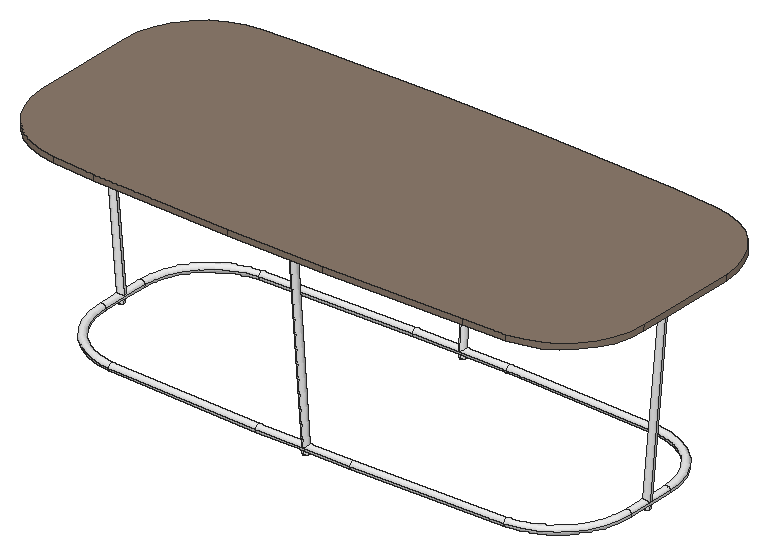
Revit family "Elan_Ellsworth_CoffeeTable_42_Rectangle", category Furniture, Revit 2012
Parameters
  Wood Top [instance] = Furniture - DECCA (Elan) - Ellsworth - Wood
  Width = 3' - 6"  # constant formula
  URL = "http://elanbydecca.com/"
  Upholstery [instance] = Furniture - DECCA (Elan) - Ellsworth - Upholstery
  Base [instance] = Furniture - DECCA (Elan) - Ellsworth - Base
  Product URL = "http://elanbydecca.com/PDFs/TearSheet/Ellsworth%20Tear%20Sheet.pdf"
  Model = "MK CT105"
  Manufacturer = "Decca Elan"
  Height = 1' - 2"  # constant formula
  Description = "Ellsworth Coffee Table 42\", Rectangle"
  Depth = 1' - 7"  # constant formula
  Assembly Description = "Furniture & Accessories"
  Assembly Code = "E2020200"
Reference planes (in)
  plane 1 "Center Front/Back": y = 4.4976
  plane 2: z = 0
  plane 3 "Center Left/Right": x = 0
  plane 4: through (-6.25338, 2.33237, 23.38953) normal (0.4297, -0.4297, 0.7941)
  plane 5: z = 14
  plane 6 "SB": z = 0.6875
  plane 7: x = -21
  plane 8: x = 21
  plane 9: z = 14
  plane 10: x = -15.37023
  plane 11: x = 15.37023
  plane 12: x = -19.78125
  plane 13: z = 13.24887
  plane 14: x = -19.24163
  plane 15: y = 13.9976
  plane 16: y = -5.0024
Forms (in)
  Sweep 1, solid, material "Furniture - DECCA (Elan) - Ellsworth - Base" <- "Base"
    path origin (0, 0, 0.6875) x (-1, 0, 0) y (0, -1, 0)
      loop
        arc (13.76188, -10.69253) -> (16.77326, -9.28816) -> (18, -6.20015) r 4.5
        line (18, -6.20015) -> (18, -2.79505)
        arc (18, -2.79505) -> (16.77326, 0.29296) -> (13.76188, 1.69733) r 4.5
        arc (13.76188, 1.69733) -> (8.52643, 1.92612) -> (3.28653, 2.0024) r 180
        line (3.28653, 2.0024) -> (-3.28653, 2.0024)
        arc (-3.28653, 2.0024) -> (-8.52643, 1.92612) -> (-13.76188, 1.69733) r 180
        arc (-13.76188, 1.69733) -> (-16.77326, 0.29296) -> (-18, -2.79505) r 4.5
        line (-18, -2.79505) -> (-18, -6.20015)
        arc (-18, -6.20015) -> (-16.77326, -9.28816) -> (-13.76188, -10.69253) r 4.5
        arc (-13.76188, -10.69253) -> (-8.52643, -10.92132) -> (-3.28653, -10.9976) r 180
        line (-3.28653, -10.9976) -> (3.28653, -10.9976)
        arc (3.28653, -10.9976) -> (8.52643, -10.92132) -> (13.76188, -10.69253) r 180
    profile origin (-8.52643, 10.92132, 0.6875) x (-0.029111, 0.999576, 0) y (0, 0, 1)
      loop
        circle (0.3451, -0.23438) r 0.25
  Sweep 2, solid, material "Furniture - DECCA (Elan) - Ellsworth - Wood" <- "Wood Top"
    path origin (0, 0, 2.875) x (-1, 0, 0) y (0, -1, 0)
      loop
        line (-3.28653, -10.9976) -> (3.28653, -10.9976)
        arc (3.28653, -10.9976) -> (7.99838, -10.93592) -> (12.70701, -10.75092) r 180
        line (12.70701, -10.75092) -> (15.63084, -10.59768)
        arc (15.63084, -10.59768) -> (17.31344, -9.822) -> (18, -8.10111) r 2.5
        line (18, -8.10111) -> (18, -0.89409)
        arc (18, -0.89409) -> (17.31344, 0.8268) -> (15.63084, 1.60248) r 2.5
        line (15.63084, 1.60248) -> (12.70701, 1.75572)
        arc (12.70701, 1.75572) -> (7.99838, 1.94072) -> (3.28653, 2.0024) r 180
        line (3.28653, 2.0024) -> (-3.28653, 2.0024)
        arc (-3.28653, 2.0024) -> (-7.99838, 1.94072) -> (-12.70701, 1.75572) r 180
        line (-12.70701, 1.75572) -> (-15.63084, 1.60248)
        arc (-15.63084, 1.60248) -> (-17.31344, 0.8268) -> (-18, -0.89409) r 2.5
        line (-18, -0.89409) -> (-18, -8.10111)
        arc (-18, -8.10111) -> (-17.31344, -9.822) -> (-15.63084, -10.59768) r 2.5
        line (-15.63084, -10.59768) -> (-12.70701, -10.75092)
        arc (-12.70701, -10.75092) -> (-7.99838, -10.93592) -> (-3.28653, -10.9976) r 180
    profile origin (-18, 4.4976, 2.875) x (-1, 0, 0) y (0, 0, 1)
      loop
        line (3, 11.125) -> (0, 11.125) -> (0, 10.37387) -> (2.25001, 10.37387) -> (3, 10.74886) -> (3, 11.125)
  Extrusion 3, solid, material "Furniture - DECCA (Elan) - Ellsworth - Wood" <- "Wood Top"
    sketch origin (0, 0, 2.875) x (-1, 0, 0) y (0, -1, 0)
      loop
        line (12.70701, -10.75092) -> (15.63084, -10.59768)
        arc (15.63084, -10.59768) -> (17.31344, -9.822) -> (18, -8.10111) r 2.5
        line (18, -8.10111) -> (18, -0.89409)
        arc (18, -0.89409) -> (17.31344, 0.8268) -> (15.63084, 1.60248) r 2.5
        line (15.63084, 1.60248) -> (12.70701, 1.75572)
        arc (12.70701, 1.75572) -> (7.99838, 1.94072) -> (3.28653, 2.0024) r 180
        line (3.28653, 2.0024) -> (-3.28653, 2.0024)
        arc (-3.28653, 2.0024) -> (-7.99838, 1.94072) -> (-12.70701, 1.75572) r 180
        line (-12.70701, 1.75572) -> (-15.63084, 1.60248)
        arc (-15.63084, 1.60248) -> (-17.31344, 0.8268) -> (-18, -0.89409) r 2.5
        line (-18, -0.89409) -> (-18, -8.10111)
        arc (-18, -8.10111) -> (-17.31344, -9.822) -> (-15.63084, -10.59768) r 2.5
        line (-15.63084, -10.59768) -> (-12.70701, -10.75092)
        arc (-12.70701, -10.75092) -> (-7.99838, -10.93592) -> (-3.28653, -10.9976) r 180
        line (-3.28653, -10.9976) -> (3.28653, -10.9976)
        arc (3.28653, -10.9976) -> (7.99838, -10.93592) -> (12.70701, -10.75092) r 180
    from 10.37387 to 11.125
  Sweep 4, solid, material "Furniture - DECCA (Elan) - Ellsworth - Base" <- "Base"
    path origin (0, 4.4976, 0) x (1, 0, 0) y (0, 0, 1)
      loop
        line (-18.34408, 0.45542) -> (-19.47429, 13.24887)
    profile origin (-18.90918, 4.4976, 6.85215) x (-0.99612, 0, -0.088) y (0, -1, 0)
      loop
        circle (0, 0) r 0.23438
  Sweep 5, solid, material "Furniture - DECCA (Elan) - Ellsworth - Base" <- "Base"
    path origin (0, 4.4976, 0) x (-1, 0, 0) y (0, 0, -1)
      loop
        line (-18.34408, -0.45542) -> (-19.47429, -13.24887)
    profile origin (18.90918, 4.4976, 6.85215) x (-0.99612, 0, 0.088) y (0, -1, 0)
      loop
        circle (0, 0) r 0.23438
  Revolve 6, solid, material "Furniture - DECCA (Elan) - Ellsworth - Base" <- "Base"
    sketch origin (4.4976, 4.4976, 0) x (-1, 0, 0) y (0, 0, 1)
      loop
        line (22.84135, 0) -> (22.97468, 0)
        arc (22.97468, 0) -> (23.01887, 0.01831) -> (23.03718, 0.0625) r 0.0625
        line (23.03718, 0.0625) -> (23.03718, 0.32888) -> (22.84135, 0.32888) -> (22.84135, 0)
      axis (22.84135, 0.32888) -> (22.84135, 0)
    angle from 0 to 360
  Revolve 7, solid, material "Furniture - DECCA (Elan) - Ellsworth - Base" <- "Base"
    sketch origin (-4.4976, 4.4976, 0) x (1, 0, 0) y (0, 0, -1)
      loop
        line (22.84135, 0) -> (22.84135, -0.32888) -> (23.03718, -0.32888) -> (23.03718, -0.0625)
        arc (23.03718, -0.0625) -> (23.01887, -0.01831) -> (22.97468, 0) r 0.0625
        line (22.97468, 0) -> (22.84135, 0)
      axis (22.84135, -0.32888) -> (22.84135, 0)
    angle from 0 to 360
  Sweep 8, solid, material "Furniture - DECCA (Elan) - Ellsworth - Base" <- "Base"
    path origin (0, -7.0024, 0) x (0, -1, 0) y (0, 0, -1)
      loop
        line (-18.34408, -0.45542) -> (-19.47429, -13.24887)
    profile origin (0, 11.90679, 6.85215) x (0, -0.99612, 0.088) y (1, 0, 0)
      loop
        circle (0, 0) r 0.23438
  Revolve 9, solid, material "Furniture - DECCA (Elan) - Ellsworth - Base" <- "Base"
    sketch origin (0, -11.5, 0) x (0, 1, 0) y (0, 0, 1)
      loop
        line (22.84135, 0) -> (22.97468, 0)
        arc (22.97468, 0) -> (23.01887, 0.01831) -> (23.03718, 0.0625) r 0.0625
        line (23.03718, 0.0625) -> (23.03718, 0.32888) -> (22.84135, 0.32888) -> (22.84135, 0)
      axis (22.84135, 0.32888) -> (22.84135, 0)
    angle from 0 to 360
  Sweep 10, solid, material "Furniture - DECCA (Elan) - Ellsworth - Base" <- "Base"
    path origin (0, 15.9976, 0) x (0, 1, 0) y (0, 0, 1)
      loop
        line (-18.34408, 0.45542) -> (-19.47429, 13.24887)
    profile origin (0, -2.91158, 6.85215) x (0, -0.99612, -0.088) y (1, 0, 0)
      loop
        circle (0, 0) r 0.23438
  Revolve 11, solid, material "Furniture - DECCA (Elan) - Ellsworth - Base" <- "Base"
    sketch origin (0, 20.4952, 0) x (0, -1, 0) y (0, 0, 1)
      loop
        line (22.84135, 0) -> (22.97468, 0)
        arc (22.97468, 0) -> (23.01887, 0.01831) -> (23.03718, 0.0625) r 0.0625
        line (23.03718, 0.0625) -> (23.03718, 0.32888) -> (22.84135, 0.32888) -> (22.84135, 0)
      axis (22.84135, 0.32888) -> (22.84135, 0)
    angle from 0 to 360
  Extrusion 12, solid, material "Furniture - DECCA (Elan) - Ellsworth - Base" <- "Base"
    sketch origin (0, -16.42176, 0) x (1, 0, 0) y (0, 0, -1)
      loop
        circle (0, -13.02959) r 0.21863
    from 12.94927 to 28.88153
  Extrusion 13, solid, material "Furniture - DECCA (Elan) - Ellsworth - Base" <- "Base"
    sketch origin (0, 0, 0) x (0, 1, 0) y (0, 0, 1)
      loop
        circle (4.4976, 13.03012) r 0.21875
    from -19.46235 to 19.46292
Cuts and joins
  joined: Sweep 1, Sweep 4, Sweep 5, Revolve 6, Revolve 7, Sweep 8, Revolve 9, Sweep 10, Revolve 11, Extrusion 12, Extrusion 13
  joined: Sweep 2, Extrusion 3
Dimensions and locks (in)
  "Height": plane 5 to level
  plane 7 to plane 12 = 0' - 1 7/32"
  plane 9 to plane 13 = 0' - 0.75113"
  aligned and locked: Extrusion 3 to plane 13
  aligned and locked: plane 5 to Extrusion 3
  aligned and locked: Extrusion 3 sketch curve to Sweep 2  (x8)
Automatic sketch dimensions
  Sweep 1 sketch curve to plane 11 = 0' - 2.62977"
  plane 11 to Sweep 1 sketch curve = 0' - 1.60835"  (x2)
  Sweep 1 sketch curve to Sweep 1 sketch curve = 0' - 0"  (x5)
  Sweep 1 sketch curve to plane 1 "Center Front/Back" = 0' - 1.70255"
  Sweep 1 sketch curve to Sweep 1 sketch curve = 0' - 4 1/2"
  plane 1 "Center Front/Back" to Sweep 1 sketch curve = 0' - 1.70255"  (x2)
  Sweep 1 sketch curve to plane 1 "Center Front/Back" = 0' - 6 1/2"
  plane 1 "Center Front/Back" to Sweep 1 sketch curve = 0' - 6 1/2"
  Sweep 1 sketch curve to plane 3 "Center Left/Right" = 0' - 3.28653"  (x2)
  plane 10 to Sweep 1 sketch curve = 0' - 1.87023"  (x2)
  plane 10 to Sweep 1 sketch curve = 0' - 1.60835"
  Sweep 1 sketch curve to Sweep 1 sketch curve = 0' - 0.26188"
  Sweep 1 sketch curve to profile plane = 0' - 0.3451"
  Sweep 1 sketch curve to profile plane = 0' - 0 15/64"
  Sweep 2 sketch curve to plane 11 = 0' - 2.62977"
  Sweep 2 sketch curve to plane 11 = 0' - 0.26061"  (x2)
  Sweep 2 sketch curve to plane 11 = 0' - 0.12977"  (x2)
  plane 11 to Sweep 2 sketch curve = 0' - 2.66323"  (x2)
  plane 3 "Center Left/Right" to Sweep 2 sketch curve = 0' - 3.28653"  (x2)
  Sweep 2 sketch curve to plane 3 "Center Left/Right" = 0' - 3.28653"  (x2)
  plane 10 to Sweep 2 sketch curve = 0' - 2.66323"  (x2)
  Sweep 2 sketch curve to plane 10 = 0' - 0.12977"  (x2)
  Sweep 2 sketch curve to plane 10 = 0' - 0.26061"  (x2)
  Sweep 2 sketch curve to plane 14 = 0' - 1.24163"
  Sweep 2 sketch curve to Sweep 2 sketch curve = 0' - 0"
  plane 15 to Sweep 2 sketch curve = 0' - 3"
  Sweep 2 sketch curve to plane 1 "Center Front/Back" = 0' - 6.25332"  (x2)
  Sweep 2 sketch curve to Sweep 2 sketch curve = 0' - 0.15323"  (x3)
  plane 1 "Center Front/Back" to Sweep 2 sketch curve = 0' - 3.60351"  (x2)
  Sweep 2 sketch curve to profile plane = 0' - 0"
  Sweep 2 sketch curve to profile plane = 0' - 2 1/4"
  Sweep 2 sketch curve to Sweep 2 sketch curve = 0' - 0 3/4"
  profile plane to Sweep 2 sketch curve = 0' - 10.37387"
  Sweep 2 sketch curve to Sweep 2 sketch curve = 0' - 0 3/8"
  Sweep 2 sketch curve to Sweep 2 sketch curve = 0' - 0.37614"
  Extrusion 3 sketch curve to plane 11 = 0' - 0.26061"  (x2)
  plane 11 to Extrusion 3 sketch curve = 0' - 2.66323"  (x2)
  plane 10 to Extrusion 3 sketch curve = 0' - 2.66323"  (x2)
  Extrusion 3 sketch curve to plane 10 = 0' - 0.26061"  (x2)
  Sweep 4 sketch curve to plane 13 = 0' - 0"
  plane 14 to Sweep 4 sketch curve = 0' - 0.23266"
  Sweep 4 sketch curve to plane 6 "SB" = 0' - 0.23208"
  Sweep 4 sketch curve to plane 14 = 0' - 0.89756"
  plane 1 "Center Front/Back" to Sweep 4 sketch curve = 0' - 0"
  Sweep 4 sketch curve to profile plane = 0' - 0"
  Sweep 5 sketch curve to plane 13 = 0' - 0"
  plane 8 to Sweep 5 sketch curve = 0' - 1.52571"
  Sweep 5 sketch curve to plane 6 "SB" = 0' - 0.23208"
  plane 8 to Sweep 5 sketch curve = 0' - 2.65592"
  plane 1 "Center Front/Back" to Sweep 5 sketch curve = 0' - 0"
  Sweep 5 sketch curve to profile plane = 0' - 0"
  Revolve 6 sketch curve to level = 0' - 0"  (x2)
  plane 6 "SB" to Revolve 6 sketch curve = 0' - 0 1/64"
  Revolve 6 sketch curve to plane 14 = 0' - 0.89788"
  Revolve 6 sketch curve to Revolve 6 sketch curve = 0' - 0"
  level to Revolve 6 sketch curve = 0' - 0 1/16"
  Revolve 6 sketch curve to Revolve 6 sketch curve = 0' - 0.13333"
  Revolve 6 sketch curve to Revolve 6 sketch curve = 0' - 0.26638"
  Revolve 7 sketch curve to level = 0' - 0"  (x2)
  plane 6 "SB" to Revolve 7 sketch curve = 0' - 0 1/64"
  plane 8 to Revolve 7 sketch curve = 0' - 2 21/32"
  Revolve 7 sketch curve to Revolve 7 sketch curve = 0' - 0"
  level to Revolve 7 sketch curve = 0' - 0 1/16"
  Revolve 7 sketch curve to Revolve 7 sketch curve = 0' - 0.13333"
  Revolve 7 sketch curve to Revolve 7 sketch curve = 0' - 0.26638"
  Sweep 8 sketch curve to plane 13 = 0' - 0"
  plane 15 to Sweep 8 sketch curve = 0' - 1.52571"
  Sweep 8 sketch curve to plane 6 "SB" = 0' - 0.23208"
  plane 15 to Sweep 8 sketch curve = 0' - 2.65592"
  Sweep 8 sketch curve to profile plane = 0' - 0"  (x2)
  Revolve 9 sketch curve to level = 0' - 0"  (x2)
  plane 6 "SB" to Revolve 9 sketch curve = 0' - 0 1/64"
  plane 15 to Revolve 9 sketch curve = 0' - 2 21/32"
  Revolve 9 sketch curve to Revolve 9 sketch curve = 0' - 0"
  level to Revolve 9 sketch curve = 0' - 0 1/16"
  Revolve 9 sketch curve to Revolve 9 sketch curve = 0' - 0.13333"
  Revolve 9 sketch curve to Revolve 9 sketch curve = 0' - 0.26638"
  Sweep 10 sketch curve to plane 13 = 0' - 0"
  plane 16 to Sweep 10 sketch curve = 0' - 1.52571"
  Sweep 10 sketch curve to plane 6 "SB" = 0' - 0.23208"
  plane 16 to Sweep 10 sketch curve = 0' - 2.65592"
  Sweep 10 sketch curve to profile plane = 0' - 0"  (x2)
  Revolve 11 sketch curve to level = 0' - 0"  (x2)
  Revolve 11 sketch curve to plane 6 "SB" = 0' - 0 1/64"
  Revolve 11 sketch curve to plane 16 = 0' - 2 21/32"
  Revolve 11 sketch curve to Revolve 11 sketch curve = 0' - 0"
  Revolve 11 sketch curve to level = 0' - 0 1/16"
  Revolve 11 sketch curve to Revolve 11 sketch curve = 0' - 0.13333"
  Revolve 11 sketch curve to Revolve 11 sketch curve = 0' - 0.26638"
  Extrusion 12 sketch curve to plane 3 "Center Left/Right" = 0' - 0"
  plane 13 to Extrusion 12 sketch curve = 0' - 0.21928"
  Extrusion 13 sketch curve to plane 1 "Center Front/Back" = 0' - 0"
  Extrusion 13 sketch curve to plane 13 = 0' - 0 7/32"
  Sweep 2 sketch curve to plane 15 = 13' - 8"
  radius of Sweep 1 sketch curve = 0' - 0 1/4"
  radius of Sweep 4 sketch curve = 0' - 0 15/64"
  radius of Sweep 5 sketch curve = 0' - 0 15/64"
  radius of Sweep 8 sketch curve = 0' - 0 15/64"
  radius of Sweep 10 sketch curve = 0' - 0 15/64"
  radius of Extrusion 12 sketch curve = 0' - 0.21863"
  radius of Extrusion 13 sketch curve = 0' - 0 7/32"
